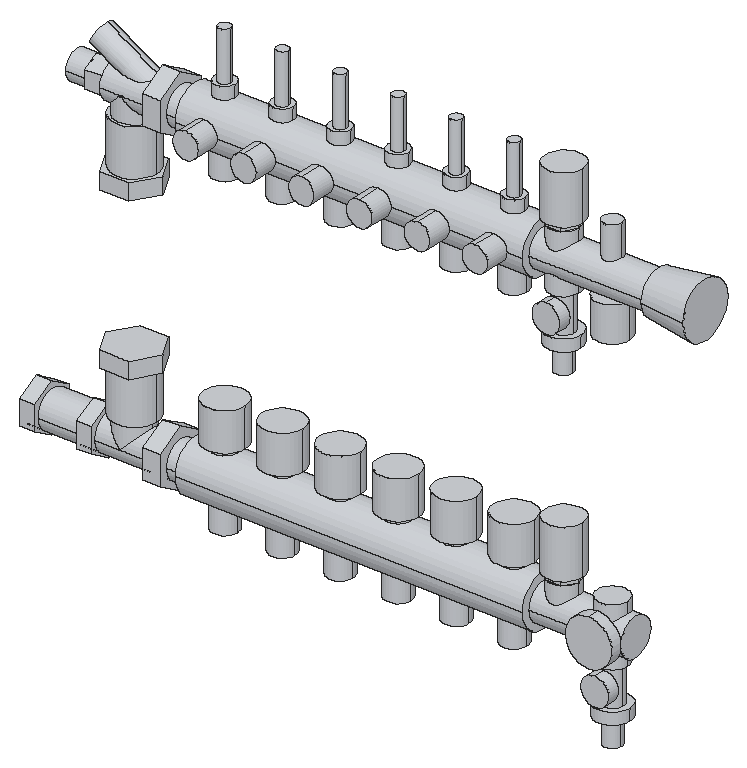
Revit family "318_1dab38ccfa9a4ba2b3cf6a35155c06", category Pipe Accessories, Revit 2017 (continued)
Automatic sketch dimensions
  Extrusion 118 sketch curve to plane 52 "339" = 6.5 mm  (x2)
  Extrusion 118 sketch curve to plane 9 "382" = 2.258 mm
  Extrusion 118 sketch curve to plane 43 "348" = 0.5 mm  (x2)
  plane 43 "348" to Extrusion 118 sketch curve = 6 mm
  Extrusion 118 sketch curve to plane 1 "Center (Front/Back)" = 11.258 mm
  Extrusion 119 sketch curve to plane 44 "347" = 0 mm
  Extrusion 120 sketch curve to Extrusion 120 sketch curve = 8 mm
  Extrusion 121 sketch curve to Extrusion 121 sketch curve = 9 mm
  Extrusion 122 sketch curve to Extrusion 122 sketch curve = 13 mm
  Extrusion 123 sketch curve to plane 9 "382" = 1 mm
  Extrusion 124 sketch curve to plane 9 "382" = 1 mm
  Extrusion 125 sketch curve to plane 9 "382" = 1 mm
  Extrusion 126 sketch curve to plane 9 "382" = 1 mm
  Extrusion 127 sketch curve to plane 9 "382" = 1 mm
  Extrusion 128 sketch curve to plane 9 "382" = 1 mm
  Extrusion 129 sketch curve to plane 9 "382" = 1 mm
  Extrusion 130 sketch curve to plane 9 "382" = 1 mm
  Extrusion 131 sketch curve to plane 9 "382" = 1 mm
  Extrusion 132 sketch curve to plane 9 "382" = 1 mm
  Extrusion 133 sketch curve to plane 9 "382" = 1 mm
  Extrusion 134 sketch curve to plane 9 "382" = 1 mm
  Extrusion 135 sketch curve to plane 9 "382" = 1 mm
  Extrusion 136 sketch curve to plane 9 "382" = 1 mm
Connectors
  piping at (0, 0, 0), diameter 25, driven by "Flow supply main", driven by "SMP"
    settings: on Extrusion 133, index 1, connector inside diameter 609.6 mm, connector length 0 mm, flow factor 0, pipe flow 0.0 L/s, pressure drop 0.0 Pa, fitting loss kfactor 0, connector angle 0.00°, fixture units 0, engagement length 0 mm, angle of deflection 0.00°, flow configuration 1, flow direction 1, fitting loss method 0, system type 7, joint type 0, gender type 0, connector reference index -1, connector utility 0, adjustable connector no, is connector primary yes, connector description "Main_1_1"
  piping at (127, 0, -40), diameter 18, driven by "Flow supply 1", driven by "SBP1"
    settings: on Extrusion 135, index 2, connector inside diameter 609.6 mm, connector length 0 mm, flow factor 0, pipe flow 0.0 L/s, pressure drop 0.0 Pa, fitting loss kfactor 0, connector angle 0.00°, fixture units 0, engagement length 0 mm, angle of deflection 0.00°, flow configuration 0, flow direction 2, fitting loss method 0, system type 7, joint type 0, gender type 0, connector reference index -1, connector utility 0, adjustable connector no, is connector primary no, connector description "Branch_1_1"
  piping at (177, 0, -40), diameter 18, driven by "Flow supply 2", driven by "SBP2"
    settings: on Extrusion 136, index 3, connector inside diameter 609.6 mm, connector length 0 mm, flow factor 0, pipe flow 0.0 L/s, pressure drop 0.0 Pa, fitting loss kfactor 0, connector angle 0.00°, fixture units 0, engagement length 0 mm, angle of deflection 0.00°, flow configuration 0, flow direction 2, fitting loss method 0, system type 7, joint type 0, gender type 0, connector reference index -1, connector utility 0, adjustable connector no, is connector primary no, connector description "Branch_1_2"
  piping at (227, 0, -40), diameter 18, driven by "Flow supply 3", driven by "SBP3"
    settings: on Extrusion 132, index 4, connector inside diameter 609.6 mm, connector length 0 mm, flow factor 0, pipe flow 0.0 L/s, pressure drop 0.0 Pa, fitting loss kfactor 0, connector angle 0.00°, fixture units 0, engagement length 0 mm, angle of deflection 0.00°, flow configuration 0, flow direction 2, fitting loss method 0, system type 7, joint type 0, gender type 0, connector reference index -1, connector utility 0, adjustable connector no, is connector primary no, connector description "Branch_1_3"
  piping at (277, 0, -40), diameter 18, driven by "Flow supply 4", driven by "SBP4"
    settings: on Extrusion 131, index 5, connector inside diameter 609.6 mm, connector length 0 mm, flow factor 0, pipe flow 0.0 L/s, pressure drop 0.0 Pa, fitting loss kfactor 0, connector angle 0.00°, fixture units 0, engagement length 0 mm, angle of deflection 0.00°, flow configuration 0, flow direction 2, fitting loss method 0, system type 7, joint type 0, gender type 0, connector reference index -1, connector utility 0, adjustable connector no, is connector primary no, connector description "Branch_1_4"
  piping at (327, 0, -40), diameter 18, driven by "Flow supply 5", driven by "SBP5"
    settings: on Extrusion 130, index 6, connector inside diameter 609.6 mm, connector length 0 mm, flow factor 0, pipe flow 0.0 L/s, pressure drop 0.0 Pa, fitting loss kfactor 0, connector angle 0.00°, fixture units 0, engagement length 0 mm, angle of deflection 0.00°, flow configuration 0, flow direction 2, fitting loss method 0, system type 7, joint type 0, gender type 0, connector reference index -1, connector utility 0, adjustable connector no, is connector primary no, connector description "Branch_1_5"
  piping at (377, 0, -40), diameter 18, driven by "Flow supply 6", driven by "SBP6"
    settings: on Extrusion 129, index 7, connector inside diameter 609.6 mm, connector length 0 mm, flow factor 0, pipe flow 0.0 L/s, pressure drop 0.0 Pa, fitting loss kfactor 0, connector angle 0.00°, fixture units 0, engagement length 0 mm, angle of deflection 0.00°, flow configuration 0, flow direction 2, fitting loss method 0, system type 7, joint type 0, gender type 0, connector reference index -1, connector utility 0, adjustable connector no, is connector primary no, connector description "Branch_1_6"
  piping at (-35, 0, -274), diameter 25, driven by "Flow return main", driven by "RMP"
    settings: on Extrusion 134, index 8, connector inside diameter 609.6 mm, connector length 0 mm, flow factor 0, pipe flow 0.0 L/s, pressure drop 0.0 Pa, fitting loss kfactor 0, connector angle 0.00°, fixture units 0, engagement length 0 mm, angle of deflection 0.00°, flow configuration 1, flow direction 2, fitting loss method 0, system type 8, joint type 0, gender type 0, connector reference index -1, connector utility 0, adjustable connector no, is connector primary no, connector description "Main_2_1"
  piping at (127, 0, -314), diameter 18, driven by "Flow return 1", driven by "RBP1"
    settings: on Extrusion 127, index 9, connector inside diameter 609.6 mm, connector length 0 mm, flow factor 0, pipe flow 0.0 L/s, pressure drop 0.0 Pa, fitting loss kfactor 0, connector angle 0.00°, fixture units 0, engagement length 0 mm, angle of deflection 0.00°, flow configuration 0, flow direction 1, fitting loss method 0, system type 8, joint type 0, gender type 0, connector reference index -1, connector utility 0, adjustable connector no, is connector primary no, connector description "Branch_2_1"
  piping at (177, 0, -314), diameter 18, driven by "Flow return 2", driven by "RBP2"
    settings: on Extrusion 126, index 10, connector inside diameter 609.6 mm, connector length 0 mm, flow factor 0, pipe flow 0.0 L/s, pressure drop 0.0 Pa, fitting loss kfactor 0, connector angle 0.00°, fixture units 0, engagement length 0 mm, angle of deflection 0.00°, flow configuration 0, flow direction 1, fitting loss method 0, system type 8, joint type 0, gender type 0, connector reference index -1, connector utility 0, adjustable connector no, is connector primary no, connector description "Branch_2_2"
  piping at (227, 0, -314), diameter 18, driven by "Flow return 3", driven by "RBP3"
    settings: on Extrusion 128, index 11, connector inside diameter 609.6 mm, connector length 0 mm, flow factor 0, pipe flow 0.0 L/s, pressure drop 0.0 Pa, fitting loss kfactor 0, connector angle 0.00°, fixture units 0, engagement length 0 mm, angle of deflection 0.00°, flow configuration 0, flow direction 1, fitting loss method 0, system type 8, joint type 0, gender type 0, connector reference index -1, connector utility 0, adjustable connector no, is connector primary no, connector description "Branch_2_3"
  piping at (277, 0, -314), diameter 18, driven by "Flow return 4", driven by "RBP4"
    settings: on Extrusion 125, index 12, connector inside diameter 609.6 mm, connector length 0 mm, flow factor 0, pipe flow 0.0 L/s, pressure drop 0.0 Pa, fitting loss kfactor 0, connector angle 0.00°, fixture units 0, engagement length 0 mm, angle of deflection 0.00°, flow configuration 0, flow direction 1, fitting loss method 0, system type 8, joint type 0, gender type 0, connector reference index -1, connector utility 0, adjustable connector no, is connector primary no, connector description "Branch_2_4"
  piping at (327, 0, -314), diameter 18, driven by "Flow return 5", driven by "RBP5"
    settings: on Extrusion 124, index 13, connector inside diameter 609.6 mm, connector length 0 mm, flow factor 0, pipe flow 0.0 L/s, pressure drop 0.0 Pa, fitting loss kfactor 0, connector angle 0.00°, fixture units 0, engagement length 0 mm, angle of deflection 0.00°, flow configuration 0, flow direction 1, fitting loss method 0, system type 8, joint type 0, gender type 0, connector reference index -1, connector utility 0, adjustable connector no, is connector primary no, connector description "Branch_2_5"
  piping at (377, 0, -314), diameter 18, driven by "Flow return 6", driven by "RBP6"
    settings: on Extrusion 123, index 14, connector inside diameter 609.6 mm, connector length 0 mm, flow factor 0, pipe flow 0.0 L/s, pressure drop 0.0 Pa, fitting loss kfactor 0, connector angle 0.00°, fixture units 0, engagement length 0 mm, angle of deflection 0.00°, flow configuration 0, flow direction 1, fitting loss method 0, system type 8, joint type 0, gender type 0, connector reference index -1, connector utility 0, adjustable connector no, is connector primary no, connector description "Branch_2_6"
